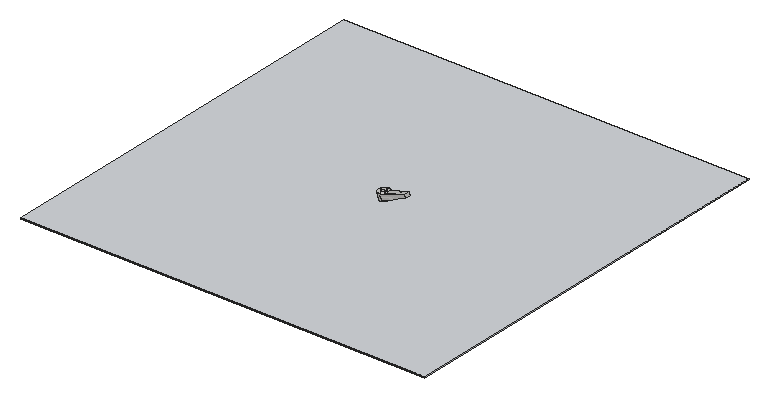
Revit family
Parameters (values of type "B-824")
  URL = "www.bobrick.com"
  Mounting Depth Location = if(Mounting Depth < 0' 0 1/4", 0' 0 1/4", if(Mounting Depth > Maximum Mounting Depth, Maximum Mounting Depth, Mounting Depth))  # 0' - 2"
  Mounting Depth = 0' - 2"
  Mounting Assembly Material = Plastic-Bobrick-Black
  Model = "B-824"
  Maximum Mounting Depth = 0' - 2"  # constant formula
  Manufacturer = "Bobrick Washroom Equipment, Inc."
  Fixture Material = Stainless Steel-Bobrick
  Description = "Automatic Counter-Mounted Liquid Soap Dispenser"
  Default Elevation = 4' - 0"
  Bottle Material = Plastic-Bobrick-White
  Assembly Code = "C1030200"
Reference planes (in)
  plane 1 "Center (Front/Back)": y = 0
  plane 2: z = 0
  plane 3 "Center (Left/Right)": x = 0
  plane 4: x = 5.375
  plane 5: x = -1.375
  plane 6: z = 2.9375
  plane 7: z = -2
  plane 8: z = -2.75
  plane 9: z = -6.25
  plane 10: z = -11.625
  plane 11: z = -12.625
  plane 12: z = -16.625
  plane 13: x = 1.375
  plane 14: z = -4.5
  plane 15: z = 1.46875
  plane 16: x = -1.125
  plane 17: x = -0.75
  plane 18: z = 1.71875
  plane 19: x = -0.6875
  plane 20: x = 0.6875
  plane 21: z = 1.46875
Forms (in)
  Extrusion 1, solid
    sketch origin (0, 0, 0) x (1, 0, 0) y (0, 1, 0)
      loop
        line (-48, 48) -> (-48, -48) -> (48, -48) -> (48, 48) -> (-48, 48)
    from 0 to -0.25
  Revolve 2, solid, material "Stainless Steel-Bobrick" <- "Fixture Material"
    sketch origin (0, 0, 0) x (1, 0, 0) y (0, 0, 1)
      loop
        line (0, 1.71875) -> (-0.75, 1.71875) -> (-1.375, 1.46875) -> (-1.125, 0) -> (0, 0) -> (0, 1.71875)
      axis (0, 1.71875) -> (0, 0)
    angle from 0 to 360
  SweptBlend 3, solid, material "Stainless Steel-Bobrick" <- "Fixture Material"
    path origin (0, 0, 0) x (1, 0, 0) y (0, 0, 1)
      loop
        line (0, 1.46875) -> (5.375, 2.9375)
    profile origin (0, 0, 1.46875) x (-0.263592, 0, 0.964634) y (0, -1, 0)
      loop
        line (-1.38826, 1.10514) -> (-1.38826, -1.10514) -> (-0.25, -1.375) -> (0, -0.75) -> (0, 0.75) -> (-0.25, 1.375) -> (-1.38826, 1.10514)
    end profile origin (5.375, 0, 2.9375) x (-0.263592, 0, 0.964634) y (0, -1, 0)
      loop
        line (0, 0.66389) -> (-0.70404, 0.66389) -> (-0.70404, -0.58611) -> (0, -0.58611) -> (0, 0.66389)
  Extrusion 4, solid, material "Plastic-Bobrick-Black" <- "Mounting Assembly Material"
    sketch origin (0, 0, 0) x (1, 0, 0) y (0, 1, 0)
      loop
        circle (0, 0) r 0.6875
    from -4.5 to 0
  Extrusion 5, solid, material "Plastic-Bobrick-Black" <- "Mounting Assembly Material"
    sketch origin (0, 0, 0) x (1, 0, 0) y (0, 1, 0)
      loop
        circle (0, 0) r 1.25
    from -6.25 to -4.5
  Extrusion 6, solid, material "Plastic-Bobrick-Black" <- "Mounting Assembly Material"
    sketch origin (0, 0, 0) x (1, 0, 0) y (0, 1, 0)
      loop
        circle (0, 0) r 1
    from -2.75 to -2
  Revolve 7, solid, material "Plastic-Bobrick-White" <- "Bottle Material"
    sketch origin (0, 0, 0) x (1, 0, 0) y (0, 0, 1)
      loop
        line (0, -6.25) -> (-0.75, -6.25) -> (-0.75, -6.5) -> (-1.9375, -6.81819) -> (-1.9375, -11.625) -> (0, -11.625) -> (0, -6.25)
      axis (0, -6.25) -> (0, -11.625)
    angle from 0 to 360
  Revolve 8, solid, material "Plastic-Bobrick-Black" <- "Mounting Assembly Material"
    sketch origin (0, 0, 0) x (1, 0, 0) y (0, 0, 1)
      loop
        line (-1.9375, -16.625) -> (0, -16.625) -> (0, -11.625) -> (-1.5, -11.625) -> (-1.5, -12.625) -> (-1.9375, -12.625) -> (-1.9375, -16.625)
      axis (0, -11.625) -> (0, -16.625)
    angle from 0 to 360
Cuts and joins
  joined: Revolve 2, SweptBlend 3
Dimensions and locks (in)
  locked: plane 5 to plane 3 "Center (Left/Right)" at 1.375
  locked: plane 5 to plane 4 at 6.75
  locked: plane 6 to plane 2 at 2.9375
  "Mounting Depth Location": plane 2 to plane 7
  locked: plane 7 to plane 8 at 0.75
  locked: plane 2 to plane 9 at 6.25
  locked: plane 2 to plane 12 at 16.625
  locked: plane 11 to plane 12 at 4
  locked: plane 10 to plane 11 at 1
  locked: plane 13 to plane 3 "Center (Left/Right)" at 1.375
  locked: plane 14 to plane 9 at 1.75
  locked: plane 18 to plane 15 at 0.25
  locked: plane 3 "Center (Left/Right)" to plane 17 at 0.75
  locked: plane 3 "Center (Left/Right)" to plane 16 at 1.125
  locked: plane 18 to Extrusion 1 at 1.71875
  plane 20 to plane 3 "Center (Left/Right)" to plane 19 = 0' - 0 11/16" locked, 0' - 0 11/16" locked
  locked: Extrusion 4 sketch curve to plane 3 "Center (Left/Right)" at 0.6875
  locked: Extrusion 5 sketch curve to plane 3 "Center (Left/Right)" at 1.25
  locked: Extrusion 6 sketch curve to plane 3 "Center (Left/Right)" at 1
  locked: plane 3 "Center (Left/Right)" to Revolve 7 sketch curve at 0.75
  locked: plane 3 "Center (Left/Right)" to Revolve 7 sketch curve at 1.9375
  plane 3 "Center (Left/Right)" to Revolve 8 sketch curve = 0' - 1 1/2"
  locked: plane 3 "Center (Left/Right)" to Revolve 8 sketch curve at 1.9375
  cut or joined group of Revolve 2, SweptBlend 3 to cut or joined group of Revolve 2, SweptBlend 3 = 0' - 1 1/4"
  locked: plane 21 to Extrusion 1 at 1.46875
  locked: Revolve 7 sketch curve to Revolve 7 sketch curve (angle 105.00°)
  aligned and locked: plane 2 to Extrusion 1
  aligned and locked: level to Extrusion 1
  aligned and locked: Revolve 2 sketch curve to plane 3 "Center (Left/Right)"  (x2)
  aligned and locked: plane 16 to Revolve 2 sketch curve
  aligned and locked: Revolve 2 sketch curve to plane 2
  aligned and locked: Revolve 2 sketch curve to plane 18
  aligned and locked: plane 17 to Revolve 2 sketch curve
  aligned and locked: plane 5 to Revolve 2 sketch curve
  aligned and locked: plane 15 to Revolve 2 sketch curve
  aligned and locked: plane 3 "Center (Left/Right)" to Extrusion 4 sketch curve
  aligned and locked: plane 1 "Center (Front/Back)" to Extrusion 4 sketch curve
  aligned: plane 7 to Extrusion 4
  aligned: Extrusion 4 to plane 9
  aligned and locked: plane 2 to Extrusion 4
  aligned and locked: Extrusion 4 to plane 14
  aligned and locked: Extrusion 5 to plane 9
  aligned and locked: plane 14 to Extrusion 5
  aligned and locked: plane 3 "Center (Left/Right)" to Extrusion 5 sketch curve
  aligned and locked: plane 1 "Center (Front/Back)" to Extrusion 5 sketch curve
  aligned and locked: plane 1 "Center (Front/Back)" to Extrusion 6 sketch curve
  aligned and locked: plane 3 "Center (Left/Right)" to Extrusion 6 sketch curve
  aligned and locked: Extrusion 6 to plane 8
  aligned and locked: plane 7 to Extrusion 6
  aligned and locked: Revolve 7 sketch curve to plane 3 "Center (Left/Right)"  (x2)
  aligned and locked: Revolve 7 sketch curve to plane 10
  aligned and locked: plane 9 to Revolve 7 sketch curve
  aligned and locked: Revolve 8 sketch curve to plane 12
  aligned and locked: Revolve 8 sketch curve to plane 10
  aligned and locked: Revolve 8 sketch curve to plane 11
  aligned and locked: Revolve 8 sketch curve to plane 3 "Center (Left/Right)"  (x2)
  aligned and locked: nested 1 to plane 2
  aligned and locked: plane 3 "Center (Left/Right)" to nested 1
  aligned and locked: nested 2 to plane 2
  aligned and locked: nested 2 to plane 1 "Center (Front/Back)"
  aligned and locked: plane 1 "Center (Front/Back)" to nested 3
  aligned and locked: plane 3 "Center (Left/Right)" to nested 3
  aligned and locked: plane 21 to SweptBlend 3 sketch curve
  aligned and locked: plane 3 "Center (Left/Right)" to SweptBlend 3 sketch curve
  aligned and locked: plane 4 to SweptBlend 3 sketch curve
  aligned and locked: plane 6 to SweptBlend 3 sketch curve
  aligned and locked: plane 1 "Center (Front/Back)" to SweptBlend 3 sketch curve
Automatic sketch dimensions
  Extrusion 1 sketch curve to Extrusion 1 sketch curve = 8' - 0"  (x2)
  Revolve 2 sketch curve to plane 12 = 0' - 7 3/8"
  plane 6 to Revolve 2 sketch curve = 8' - 3.78132"
  SweptBlend 3 sketch curve to profile plane = 0' - 0"  (x2)
  SweptBlend 3 sketch curve to SweptBlend 3 sketch curve = 0' - 0.70404"
  SweptBlend 3 sketch curve to plane 1 "Center (Front/Back)" = 0' - 0.58611"
  plane 1 "Center (Front/Back)" to SweptBlend 3 sketch curve = 0' - 0.66389"
  profile plane to SweptBlend 3 sketch curve = 0' - 0 1/4"  (x2)
  SweptBlend 3 sketch curve to plane 1 "Center (Front/Back)" = 0' - 0 3/4"
  SweptBlend 3 sketch curve to plane 1 "Center (Front/Back)" = 0' - 1.10514"
  SweptBlend 3 sketch curve to SweptBlend 3 sketch curve = 0' - 0 5/8"  (x2)
  SweptBlend 3 sketch curve to SweptBlend 3 sketch curve = 0' - 1.13826"
  plane 1 "Center (Front/Back)" to SweptBlend 3 sketch curve = 0' - 0 3/4"
  plane 1 "Center (Front/Back)" to SweptBlend 3 sketch curve = 0' - 1.10514"
  Revolve 7 sketch curve to plane 12 = 0' - 7 3/8"
  Revolve 7 sketch curve to plane 9 = 0' - 0 1/4"
  plane 6 to Revolve 7 sketch curve = 8' - 3.78132"
  Revolve 8 sketch curve to plane 12 = 0' - 7 3/8"
  plane 6 to Revolve 8 sketch curve = 8' - 3.78132"
Nested families (in)
  nested 1: "Soap_Dispenser-Bobrick-Front_Detail" at (0, 0, 0) x (1, 0, 0) z (0, -1, 0), type "Soap_Dispenser-Bobrick-Front_Detail"
  nested 2: "Soap_Dispenser-Bobrick-Side_Detail" at (0, 0, 0) x (0, 1, 0) z (1, 0, 0), type "Soap_Dispenser-Bobrick-Side_Detail"
  nested 3: "Soap_Dispenser-Bobrick-Plan_Detail" at (0, 0, 0), type "Soap_Dispenser-Bobrick-Plan_Detail"
Definition of nested family "Soap_Dispenser-Bobrick-Front_Detail"
  Parameters (values of type "Soap_Dispenser-Bobrick-Front_Detail")
    Mounting Depth Location = if(Mounting Depth < 0' 0 1/4", 0' 0 1/4", if(Mounting Depth > Maximum Mounting Depth, Maximum Mounting Depth, Mounting Depth))  # 0' - 1"
    Mounting Depth = 0' - 1"
    Maximum Mounting Depth = 0' - 2"
  Reference planes (in)
    plane 1 "Center (Front/Back)": y = 0
    plane 2: z = 0
    plane 3 "Center (Left/Right)": x = 0
    plane 4: y = -1
    plane 5: y = -1.75
    plane 6: y = -4.5
    plane 7: y = -6.25
    plane 8: y = -6.81819
    plane 9: y = -11.625
    plane 10: y = -12.625
    plane 11: y = -16.625
    plane 12: y = -6.5
    plane 13: x = -1
    plane 14: x = 1
    plane 15: x = -1.25
    plane 16: x = 1.25
    plane 17: x = -1.9375
    plane 18: x = 1.9375
    plane 19: x = -1.5
    plane 20: x = 1.5
  Lines and regions (in)
    Masking region 1, in view "Ref. Level"
      outline origin (0, 0, 0) x (1, 0, 0) y (0, 1, 0)
        loop
          line (5.5544, 2.2567) -> (5.375, 2.9375) -> (0.75, 1.71875) -> (-0.75, 1.71875) -> (-1.375, 1.46875) -> (-1.125, 0) -> (1.125, 0) -> (1.21695, 0.52857) -> (5.5544, 2.2567)
    Masking region 2, in view "Ref. Level"
      outline origin (0, 0, 0) x (1, 0, 0) y (0, 1, 0)
        loop
          line (-0.6875, 0) -> (-0.6875, -4.5) -> (-1.25, -4.5) -> (-1.25, -6.25) -> (1.25, -6.25) -> (1.25, -4.5) -> (0.6875, -4.5) -> (0.6875, 0) -> (-0.6875, 0)
    Masking region 3, in view "Ref. Level"
      outline origin (0, 0, 0) x (1, 0, 0) y (0, 1, 0)
        loop
          line (-1, -1) -> (-1, -1.75) -> (1, -1.75) -> (1, -1) -> (-1, -1)
    Masking region 4, in view "Ref. Level"
      outline origin (0, 0, 0) x (1, 0, 0) y (0, 1, 0)
        loop
          line (-1, -6.25) -> (-1, -6.56699) -> (-1.9375, -6.81819) -> (-1.9375, -11.625) -> (-1.5, -11.625) -> (-1.5, -12.625) -> (-1.9375, -12.625) -> (-1.9375, -16.625) -> (1.9375, -16.625) -> (1.9375, -12.625) -> (1.5, -12.625) -> (1.5, -11.625) -> (1.9375, -11.625) -> (1.9375, -6.81819) -> (1, -6.56699) -> (1, -6.25) -> (-1, -6.25)
    detail lines, in view "Ref. Level"
      curve 1: line (-0.6875, -4.5, 0) -> (0.6875, -4.5, 0)
      curve 2: line (-1.9375, -6.81819, 0) -> (1.9375, -6.81819, 0)
      curve 3: line (-1.5, -11.625, 0) -> (1.5, -11.625, 0)
      curve 4: line (-1.5, -12.625, 0) -> (1.5, -12.625, 0)
  Dimensions and locks (in)
    locked: plane 4 to plane 5 at 0.75
    plane 13 to plane 3 "Center (Left/Right)" to plane 14 = 0' - 1" locked, 0' - 1" locked
    "Mounting Depth Location": plane 4 to plane 1 "Center (Front/Back)"
    locked: plane 7 to plane 1 "Center (Front/Back)" at 6.25
    locked: plane 7 to plane 8 at 0.56819
    locked: plane 11 to plane 1 "Center (Front/Back)" at 16.625
    locked: plane 10 to plane 11 at 4
    locked: plane 9 to plane 10 at 1
    plane 7 to plane 9 = 0' - 5 3/8"
    locked: plane 6 to plane 7 at 1.75
    aligned and locked: plane 4 to Masking region 3
    aligned and locked: Masking region 3 to plane 5
    aligned and locked: plane 7 to Masking region 4
    aligned and locked: plane 8 to Masking region 4  (x2)
    aligned: plane 12 to Masking region 4  (x2)
    aligned and locked: Masking region 4 to plane 9  (x2)
    aligned and locked: plane 10 to Masking region 4  (x2)
    aligned and locked: Masking region 4 to plane 11
    aligned and locked: plane 13 to Masking region 3
    aligned and locked: plane 14 to Masking region 3
    aligned and locked: plane 17 to Masking region 4
    aligned and locked: Masking region 4 to plane 17
    aligned and locked: plane 19 to Masking region 4
    aligned and locked: plane 20 to Masking region 4
    aligned and locked: plane 18 to Masking region 4  (x2)
    aligned and locked: plane 13 to Masking region 4
    aligned and locked: plane 14 to Masking region 4
    aligned and locked: plane 16 to Masking region 2
    aligned and locked: plane 15 to Masking region 2
    aligned and locked: plane 19 to curve 4
    aligned and locked: curve 4 to plane 10
    aligned and locked: plane 20 to curve 4
    aligned and locked: curve 3 to plane 9
    aligned and locked: plane 19 to curve 3
    aligned and locked: plane 20 to curve 3
    aligned and locked: curve 2 to plane 8
    aligned and locked: plane 17 to curve 2
    aligned and locked: plane 18 to curve 2
    aligned and locked: curve 1 to plane 6
    aligned and locked: Masking region 2 to curve 1
    aligned and locked: curve 1 to Masking region 2
  Automatic sketch dimensions
    plane 1 "Center (Front/Back)" to Masking region 1 sketch curve = 0' - 0"
    Masking region 1 sketch curve to plane 15 = 0' - 0 1/8"
    Masking region 1 sketch curve to plane 13 = 0' - 0 1/8"
    plane 13 to Masking region 1 sketch curve = 0' - 0 1/4"
    Masking region 1 sketch curve to plane 14 = 0' - 0 1/4"
    plane 14 to Masking region 1 sketch curve = 0' - 0 1/8"
    Masking region 1 sketch curve to plane 16 = 0' - 0.03305"
    plane 18 to Masking region 1 sketch curve = 0' - 3 7/16"
    Masking region 1 sketch curve to plane 1 "Center (Front/Back)" = 0' - 2.2567"
    Masking region 1 sketch curve to Masking region 1 sketch curve = 0' - 0.1794"
    Masking region 1 sketch curve to plane 1 "Center (Front/Back)" = 0' - 0.52857"
    Masking region 1 sketch curve to plane 1 "Center (Front/Back)" = 0' - 1 15/32"
    Masking region 1 sketch curve to Masking region 1 sketch curve = 0' - 1.19018"
    Masking region 2 sketch curve to plane 7 = 0' - 0"
    Masking region 2 sketch curve to plane 15 = 0' - 0"
    Masking region 2 sketch curve to plane 6 = 0' - 0"  (x2)
    plane 1 "Center (Front/Back)" to Masking region 2 sketch curve = 0' - 0"
    Masking region 2 sketch curve to plane 16 = 0' - 0"
    plane 13 to Masking region 2 sketch curve = 0' - 0 5/16"
    Masking region 2 sketch curve to plane 14 = 0' - 0 5/16"
    Masking region 3 sketch curve to plane 5 = 0' - 0"
    Masking region 3 sketch curve to plane 13 = 0' - 0"
    Masking region 3 sketch curve to plane 14 = 0' - 0"
    Masking region 3 sketch curve to plane 4 = 0' - 0"
    Masking region 4 sketch curve to plane 11 = 0' - 0"
    Masking region 4 sketch curve to plane 17 = 0' - 0"  (x2)
    Masking region 4 sketch curve to plane 8 = 0' - 0"  (x2)
    Masking region 4 sketch curve to plane 9 = 0' - 0"  (x2)
    Masking region 4 sketch curve to plane 19 = 0' - 0"
    Masking region 4 sketch curve to plane 13 = 0' - 0"
    Masking region 4 sketch curve to plane 7 = 0' - 0"
    Masking region 4 sketch curve to plane 14 = 0' - 0"
    Masking region 4 sketch curve to plane 20 = 0' - 0"
    Masking region 4 sketch curve to plane 10 = 0' - 0"  (x2)
    Masking region 4 sketch curve to plane 18 = 0' - 0"  (x2)
    Masking region 4 sketch curve to plane 12 = 0' - 0.06699"  (x2)
Definition of nested family "Soap_Dispenser-Bobrick-Side_Detail"
  Parameters (values of type "Soap_Dispenser-Bobrick-Side_Detail")
    Mounting Depth Location = if(Mounting Depth < 0' 0 1/4", 0' 0 1/4", if(Mounting Depth > Maximum Mounting Depth, Maximum Mounting Depth, Mounting Depth))  # 0' - 1"
    Mounting Depth = 0' - 1"
    Maximum Mounting Depth = 0' - 2"
  Reference planes (in)
    plane 1 "Center (Front/Back)": y = 0
    plane 2: z = 0
    plane 3 "Center (Left/Right)": x = 0
    plane 4: y = -1
    plane 5: y = -1.75
    plane 6: y = -4.5
    plane 7: y = -6.25
    plane 8: y = -6.81819
    plane 9: y = -11.625
    plane 10: y = -12.625
    plane 11: y = -16.625
    plane 12: y = -6.5
    plane 13: x = -1
    plane 14: x = 1
    plane 15: x = -1.25
    plane 16: x = 1.25
    plane 17: x = -1.9375
    plane 18: x = 1.9375
    plane 19: x = -1.5
    plane 20: x = 1.5
    plane 21: y = 2.9375
  Lines and regions (in)
    Masking region 1, in view "Ref. Level"
      outline origin (0, 0, 0) x (1, 0, 0) y (0, 1, 0)
        loop
          line (-1.0625, 1.59375) -> (-1.375, 1.46875) -> (-1.125, 0) -> (1.125, 0) -> (1.38016, 1.46669) -> (1.0625, 1.59375) -> (0.625, 2.9375) -> (-0.625, 2.9375) -> (-1.0625, 1.59375)
    Masking region 2, in view "Ref. Level"
      outline origin (0, 0, 0) x (1, 0, 0) y (0, 1, 0)
        loop
          line (-0.6875, 0) -> (-0.6875, -4.5) -> (-1.25, -4.5) -> (-1.25, -6.25) -> (1.25, -6.25) -> (1.25, -4.5) -> (0.6875, -4.5) -> (0.6875, 0) -> (-0.6875, 0)
    Masking region 3, in view "Ref. Level"
      outline origin (0, 0, 0) x (1, 0, 0) y (0, 1, 0)
        loop
          line (-1, -1) -> (-1, -1.75) -> (1, -1.75) -> (1, -1) -> (-1, -1)
    Masking region 4, in view "Ref. Level"
      outline origin (0, 0, 0) x (1, 0, 0) y (0, 1, 0)
        loop
          line (-1, -6.25) -> (-1, -6.56699) -> (-1.9375, -6.81819) -> (-1.9375, -11.625) -> (-1.5, -11.625) -> (-1.5, -12.625) -> (-1.9375, -12.625) -> (-1.9375, -16.625) -> (1.9375, -16.625) -> (1.9375, -12.625) -> (1.5, -12.625) -> (1.5, -11.625) -> (1.9375, -11.625) -> (1.9375, -6.81819) -> (1, -6.56699) -> (1, -6.25) -> (-1, -6.25)
    detail lines, in view "Ref. Level"
      curve 1: line (-0.6875, -4.5, 0) -> (0.6875, -4.5, 0)
      curve 2: line (-1.9375, -6.81819, 0) -> (1.9375, -6.81819, 0)
      curve 3: line (-1.5, -11.625, 0) -> (1.5, -11.625, 0)
      curve 4: line (-1.5, -12.625, 0) -> (1.5, -12.625, 0)
      curve 5: line (-0.625, 2.9375, 0) -> (-0.625, 2.4375, 0)
      curve 6: line (0.625, 2.9375, 0) -> (0.625, 2.4375, 0)
      curve 7: line (0.625, 2.4375, 0) -> (-0.625, 2.4375, 0)
  Dimensions and locks (in)
    locked: plane 4 to plane 5 at 0.75
    plane 13 to plane 3 "Center (Left/Right)" to plane 14 = 0' - 1" locked, 0' - 1" locked
    "Mounting Depth Location": plane 4 to plane 1 "Center (Front/Back)"
    locked: plane 7 to plane 1 "Center (Front/Back)" at 6.25
    locked: plane 7 to plane 8 at 0.56819
    locked: plane 11 to plane 1 "Center (Front/Back)" at 16.625
    locked: plane 10 to plane 11 at 4
    locked: plane 9 to plane 10 at 1
    plane 7 to plane 9 = 0' - 5 3/8"
    locked: plane 6 to plane 7 at 1.75
    aligned and locked: plane 4 to Masking region 3
    aligned and locked: Masking region 3 to plane 5
    aligned and locked: plane 7 to Masking region 4
    aligned and locked: plane 8 to Masking region 4  (x2)
    aligned: plane 12 to Masking region 4  (x2)
    aligned and locked: Masking region 4 to plane 9  (x2)
    aligned and locked: plane 10 to Masking region 4  (x2)
    aligned and locked: Masking region 4 to plane 11
    aligned and locked: plane 13 to Masking region 3
    aligned and locked: plane 14 to Masking region 3
    aligned and locked: plane 17 to Masking region 4
    aligned and locked: Masking region 4 to plane 17
    aligned and locked: plane 19 to Masking region 4
    aligned and locked: plane 20 to Masking region 4
    aligned and locked: plane 18 to Masking region 4  (x2)
    aligned and locked: plane 13 to Masking region 4
    aligned and locked: plane 14 to Masking region 4
    aligned and locked: plane 16 to Masking region 2
    aligned and locked: plane 15 to Masking region 2
    aligned and locked: plane 19 to curve 4
    aligned and locked: curve 4 to plane 10
    aligned and locked: plane 20 to curve 4
    aligned and locked: curve 3 to plane 9
    aligned and locked: plane 19 to curve 3
    aligned and locked: plane 20 to curve 3
    aligned and locked: curve 2 to plane 8
    aligned and locked: plane 17 to curve 2
    aligned and locked: plane 18 to curve 2
    aligned and locked: curve 1 to plane 6
    aligned and locked: Masking region 2 to curve 1
    aligned and locked: curve 1 to Masking region 2
    aligned and locked: Masking region 1 sketch curve to plane 21
  Automatic sketch dimensions
    Masking region 2 sketch curve to plane 7 = 0' - 0"
    Masking region 2 sketch curve to plane 15 = 0' - 0"
    Masking region 2 sketch curve to plane 6 = 0' - 0"  (x2)
    plane 1 "Center (Front/Back)" to Masking region 2 sketch curve = 0' - 0"
    Masking region 2 sketch curve to plane 16 = 0' - 0"
    plane 13 to Masking region 2 sketch curve = 0' - 0 5/16"
    Masking region 2 sketch curve to plane 14 = 0' - 0 5/16"
    Masking region 3 sketch curve to plane 5 = 0' - 0"
    Masking region 3 sketch curve to plane 13 = 0' - 0"
    Masking region 3 sketch curve to plane 14 = 0' - 0"
    Masking region 3 sketch curve to plane 4 = 0' - 0"
    Masking region 4 sketch curve to plane 11 = 0' - 0"
    Masking region 4 sketch curve to plane 17 = 0' - 0"  (x2)
    Masking region 4 sketch curve to plane 8 = 0' - 0"  (x2)
    Masking region 4 sketch curve to plane 9 = 0' - 0"  (x2)
    Masking region 4 sketch curve to plane 19 = 0' - 0"
    Masking region 4 sketch curve to plane 13 = 0' - 0"
    Masking region 4 sketch curve to plane 7 = 0' - 0"
    Masking region 4 sketch curve to plane 14 = 0' - 0"
    Masking region 4 sketch curve to plane 20 = 0' - 0"
    Masking region 4 sketch curve to plane 10 = 0' - 0"  (x2)
    Masking region 4 sketch curve to plane 18 = 0' - 0"  (x2)
    Masking region 4 sketch curve to plane 12 = 0' - 0.06699"  (x2)
    plane 1 "Center (Front/Back)" to Masking region 1 sketch curve = 0' - 0"
    Masking region 1 sketch curve to plane 15 = 0' - 0 1/8"
    Masking region 1 sketch curve to plane 13 = 0' - 0 1/8"
    Masking region 1 sketch curve to plane 13 = 0' - 0 1/16"
    plane 13 to Masking region 1 sketch curve = 0' - 0 3/8"
    plane 14 to Masking region 1 sketch curve = 0' - 0 1/16"
    plane 14 to Masking region 1 sketch curve = 0' - 0 1/8"
    Masking region 1 sketch curve to plane 20 = 0' - 0.11984"
    Masking region 1 sketch curve to Masking region 1 sketch curve = 0' - 0 1/8"
    Masking region 1 sketch curve to plane 1 "Center (Front/Back)" = 0' - 1 15/32"
    Masking region 1 sketch curve to plane 14 = 0' - 0 3/8"
    Masking region 1 sketch curve to plane 1 "Center (Front/Back)" = 0' - 1.46669"
    Masking region 1 sketch curve to Masking region 1 sketch curve = 0' - 0.12706"
    curve 5 to plane 21 = 0' - 0"
    curve 6 to plane 21 = 0' - 0"
    plane 13 to curve 7 = 0' - 0 3/8"
    curve 6 to plane 14 = 0' - 0 3/8"
    curve 7 to curve 6 = 0' - 0 1/2"
Definition of nested family "Soap_Dispenser-Bobrick-Plan_Detail"
  Reference planes (in)
    plane 1 "Center (Front/Back)": y = 0
    plane 2: z = 0
    plane 3 "Center (Left/Right)": x = 0
  Lines and regions (in)
    Masking region 1, in view "Ref. Level"
      outline origin (0, 0, 0) x (1, 0, 0) y (0, 1, 0)
        loop
          arc (0, 1.375) -> (-1.375, 0) -> (0, -1.375) r 1.375
          line (0, -1.375) -> (5.375, -0.625) -> (5.375, 0.625) -> (0, 1.375)
    detail lines, in view "Ref. Level"
      curve 1: circle (0, 0, 0) r 0.875 normal (0, 0, 1)
      curve 2: line (0, 0.875, 0) -> (5.375, 0.625, 0)
      curve 3: line (0, -0.875, 0) -> (5.375, -0.625, 0)
  Dimensions and locks (in)
    locked: plane 3 "Center (Left/Right)" to Masking region 1 sketch curve at 5.375
    locked: Masking region 1 sketch curve to plane 3 "Center (Left/Right)" at 1.375
    Masking region 1 sketch curve to plane 1 "Center (Front/Back)" to Masking region 1 sketch curve = 0' - 0 5/8" locked, 0' - 0 5/8" locked
    Masking region 1 sketch curve to plane 1 "Center (Front/Back)" to Masking region 1 sketch curve = 0' - 1 3/8" locked, 0' - 1 3/8" locked
    locked: curve 1 to plane 3 "Center (Left/Right)" at 0.875
    curve 2 to curve 3 = 0' - 1 1/4"
    aligned and locked: plane 3 "Center (Left/Right)" to Masking region 1 sketch curve
    aligned and locked: plane 1 "Center (Front/Back)" to Masking region 1 sketch curve
    aligned and locked: plane 3 "Center (Left/Right)" to curve 1
    aligned and locked: plane 1 "Center (Front/Back)" to curve 1
